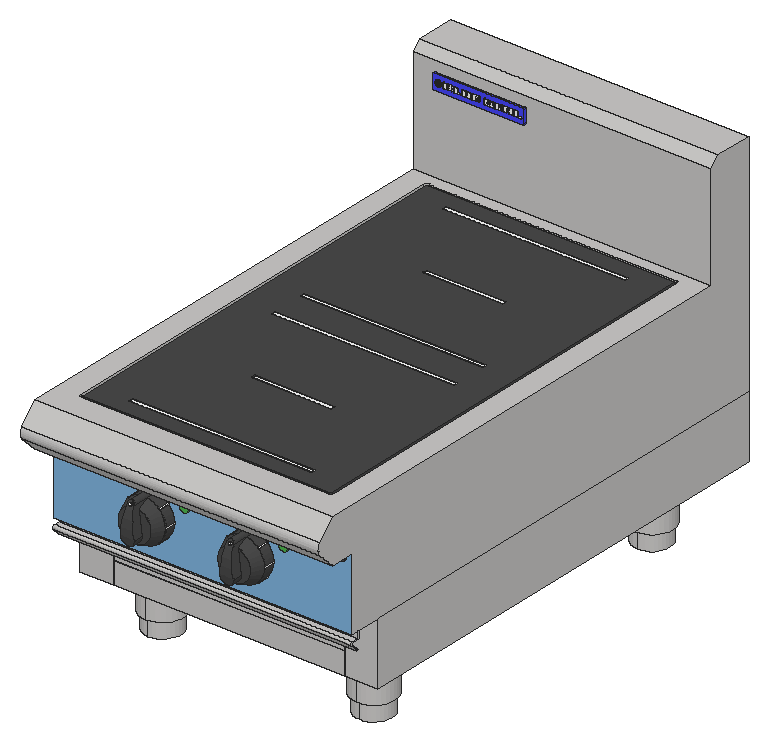
Revit family "QF_Moffat_IN512R3-B_Induction_Cooktop_cat", category Specialty Equipment, Revit 2019
Family settings
  Round Connector Dimension = Use Diameter
  Part Type = Normal
  Work Plane-Based = No
  Always vertical = Yes
  Cut with Voids When Loaded = No
  Shared = No
  Room Calculation Point = No
Parameters (values of type "IN512R3-B")
  Weight in Kilograms = 88
  Watts = 4000 W
  Volts = 400 V
  URL Cutsheet = ""
  Specification by User = ""
  Specification by Manufacturer = ""
  Show Logo [instance] = yes
  Serial Number = ""
  Seismic Rating = ""
  SMACNA No = ""
  Revision Code = ""
  Phase = 3
  Number of Poles = 1
  NAFEM Spec ID Number = ""
  Model = "IN512R3-B"
  Min Ckt Ampacity = 0 A
  Max Overcurrent Protection = 0 A
  Masterspec = ""
  Manufacturer = "Moffat"
  Length = 450 mm
  Item Number = ""
  Installed By = ""
  Identify Quantity as Lot = yes
  Height = 525 mm
  HP = ""
  Furnished By = ""
  Foodservice Equipment Identifier = yes
  FL Amps = 10 A
  Electrical Remarks = ""
  Electric Connection Type = ""
  Elec Conn RI Height = 0 mm
  Elec Conn Connection Height = 0 mm
  Description = "Induction Cooktop"
  Depth = 812.2 mm
  Cycle = 50 Hz
  Conn Plug = ""
  Conn Conduit = yes
  CSI MasterFormat = ""
  Apparent Power = if(Phase = 3, Volts * FL Amps * 1.73, Volts * FL Amps)  # 6920 VA
Reference planes
  plane 1 "BACK": y = 0
  plane 2: z = 0
  plane 3 "LEFT": x = 0
  plane 4 "RIGHT": x = 450
  plane 5 "FRONT": y = -812.2
  plane 6 "TOP": z = 525
  plane 7 "Center Y": x = 225
  plane 8 "Center X": y = -406.1
  plane 9: x = 65.5
  plane 10: x = 384.5
  plane 11: y = -30
  plane 12: x = 320
  plane 13: z = 180
  plane 14: y = -100
  plane 15: y = -625
  plane 16: z = 85
Forms (mm)
  Extrusion 1, solid, material "QF_Metal_Stainless_Polished"
    sketch origin (0, 0, 0) x (0, 1, 0) y (0, 0, 1)
      loop
        line (0, 180) -> (0, 525) -> (-57, 525) -> (-70, 512) -> (-70, 354.5) -> (-784.171, 354.5) -> (-808.685, 329.985)
        arc (-808.685, 329.985) -> (-812.2, 321.5) -> (-808.685, 313.015) r 12
        line (-808.685, 313.015) -> (-785.171, 289.5) -> (-749, 289.5) -> (-749, 180) -> (0, 180)
    from 0 to 450
  Extrusion 2, void
    sketch origin (0, -784.171, 354.5) x (0, 1, 0) y (-1, 0, 0)
      loop
        arc (696.671, -39.5) -> (694.913, -35.257) -> (690.671, -33.5) r 6
        line (690.671, -33.5) -> (44.671, -33.5)
        arc (44.671, -33.5) -> (40.428, -35.257) -> (38.671, -39.5) r 6
        line (38.671, -39.5) -> (38.671, -410.5)
        arc (38.671, -410.5) -> (40.428, -414.743) -> (44.671, -416.5) r 6
        line (44.671, -416.5) -> (690.671, -416.5)
        arc (690.671, -416.5) -> (694.913, -414.743) -> (696.671, -410.5) r 6
        line (696.671, -410.5) -> (696.671, -39.5)
    from 0 to -9.5
  Extrusion 3, solid, material "QF_Plastic_White_Smooth"
    sketch origin (0, -784.171, 345) x (0, 1, 0) y (-1, 0, 0)
      loop
        line (660.921, -362.5) -> (666.921, -362.5) -> (666.921, -87.5) -> (660.921, -87.5) -> (660.921, -362.5)
      loop
        line (532.421, -165) -> (526.421, -165) -> (526.421, -285) -> (532.421, -285) -> (532.421, -165)
      loop
        line (397.921, -87.5) -> (391.921, -87.5) -> (391.921, -362.5) -> (397.921, -362.5) -> (397.921, -87.5)
      loop
        line (337.421, -362.5) -> (343.421, -362.5) -> (343.421, -87.5) -> (337.421, -87.5) -> (337.421, -362.5)
      loop
        line (208.921, -165) -> (202.921, -165) -> (202.921, -285) -> (208.921, -285) -> (208.921, -165)
      loop
        line (74.421, -87.5) -> (68.421, -87.5) -> (68.421, -362.5) -> (74.421, -362.5) -> (74.421, -87.5)
    from 0 to 9.5
  Extrusion 4, solid, material "QF_Plastic_Black_Smooth"
    sketch origin (0, -784.171, 354.5) x (0, 1, 0) y (-1, 0, 0)
      loop
        line (692.671, -410.5) -> (692.671, -39.5)
        arc (692.671, -39.5) -> (692.085, -38.086) -> (690.671, -37.5) r 2
        line (690.671, -37.5) -> (44.671, -37.5)
        arc (44.671, -37.5) -> (43.256, -38.086) -> (42.671, -39.5) r 2
        line (42.671, -39.5) -> (42.671, -410.5)
        arc (42.671, -410.5) -> (43.256, -411.914) -> (44.671, -412.5) r 2
        line (44.671, -412.5) -> (690.671, -412.5)
        arc (690.671, -412.5) -> (692.085, -411.914) -> (692.671, -410.5) r 2
      loop
        line (666.921, -362.5) -> (666.921, -87.5) -> (660.921, -87.5) -> (660.921, -362.5) -> (666.921, -362.5)
      loop
        line (532.421, -285) -> (532.421, -165) -> (526.421, -165) -> (526.421, -285) -> (532.421, -285)
      loop
        line (397.921, -362.5) -> (397.921, -87.5) -> (391.921, -87.5) -> (391.921, -362.5) -> (397.921, -362.5)
      loop
        line (343.421, -87.5) -> (337.421, -87.5) -> (337.421, -362.5) -> (343.421, -362.5) -> (343.421, -87.5)
      loop
        line (208.921, -165) -> (202.921, -165) -> (202.921, -285) -> (208.921, -285) -> (208.921, -165)
      loop
        line (68.421, -362.5) -> (74.421, -362.5) -> (74.421, -87.5) -> (68.421, -87.5) -> (68.421, -362.5)
    from 0 to -9.5
  Extrusion 5, solid, material "QF_Metal_Stainless_Polished"
    sketch origin (0, 0, 40) x (0, 1, 0) y (0, 0, 1)
      loop
        line (-737.8, 140) -> (-737.8, 130) -> (-747.305, 130)
        arc (-747.305, 130) -> (-750.276, 128.015) -> (-749.579, 124.511) r 3.215
        line (-749.579, 124.511) -> (-739.05, 113.982) -> (-737.919, 115.113) -> (-748.447, 125.642)
        arc (-748.447, 125.642) -> (-748.797, 127.403) -> (-747.305, 128.4) r 1.615
        line (-747.305, 128.4) -> (-736.2, 128.4) -> (-736.2, 140) -> (-737.8, 140)
    from 0 to 450
  Extrusion 6, solid, material "QF_Plastic_Black_Smooth"
    sketch origin (0, -749, 181.875) x (0, 0, 1) y (-1, 0, 0)
      loop
        circle (99.343, -13.157) r 5
      loop
        circle (99.343, -436.843) r 5
      loop
        circle (99.343, -150) r 5
      loop
        circle (99.343, -300) r 5
    from 0 to 1.6
  Extrusion 7, solid, material "QF_Metal_Stainless_Polished"
    sketch origin (0, -699, 85) x (0, 1, 0) y (1, 0, 0)
      loop
        circle (669, 320) r 6.35
    from 0 to 1.6
  Extrusion 8, solid, material "QF_Metal_Stainless_Polished"
    sketch origin (0, -699, 85) x (1, 0, 0) y (0, -1, 0)
      loop
        line (0, -699) -> (450, -699) -> (450, 0) -> (399.2, 0) -> (399.2, -25.4) -> (50.8, -25.4) -> (50.8, 0) -> (0, 0) -> (0, -699)
    from 0 to -95
  Extrusion 9, solid, material "QF_Metal_Stainless_Polished"
    sketch origin (50.8, -30, 85) x (0, 1, 0) y (0, 0, 1)
      loop
        line (-669, 0) -> (-643.6, 0) -> (-643.6, 32.7) -> (-669, 32.7) -> (-669, 0)
      loop
        line (-669, 33.7) -> (-643.6, 33.7) -> (-643.6, 66.4) -> (-669, 66.4) -> (-669, 33.7)
      loop
        line (-669, 67.4) -> (-643.6, 67.4) -> (-643.6, 95) -> (-669, 95) -> (-669, 67.4)
    from 0 to 348.4
  Revolve 10, solid, material "QF_Metal_Stainless_Polished"
    sketch origin (65.5, -4572, -304.8) x (0, 0, -1) y (0, -1, 0)
      loop
        line (-304.8, -4499.5) -> (-304.8, -4472) -> (-389.8, -4472) -> (-389.8, -4503.75) -> (-329.8, -4503.75) -> (-329.8, -4499.5) -> (-304.8, -4499.5)
      axis (-389.8, -4472) -> (-304.8, -4472)
    angle from 0 to 360
  Revolve 11, solid, material "QF_Metal_Stainless_Polished"
    sketch origin (65.5, -4572, -304.8) x (0, 0, -1) y (0, -1, 0)
      loop
        line (-304.8, -3974.5) -> (-304.8, -3947) -> (-389.8, -3947) -> (-389.8, -3978.75) -> (-329.8, -3978.75) -> (-329.8, -3974.5) -> (-304.8, -3974.5)
      axis (-389.8, -3947) -> (-304.8, -3947)
    angle from 0 to 360
  Revolve 12, solid, material "QF_Metal_Stainless_Polished"
    sketch origin (384.5, -4572, -304.8) x (0, 0, -1) y (0, 1, 0)
      loop
        line (-304.8, 4499.5) -> (-329.8, 4499.5) -> (-329.8, 4503.75) -> (-389.8, 4503.75) -> (-389.8, 4472) -> (-304.8, 4472) -> (-304.8, 4499.5)
      axis (-389.8, 4472) -> (-304.8, 4472)
    angle from 0 to 360
  Revolve 13, solid, material "QF_Metal_Stainless_Polished"
    sketch origin (384.5, -4572, -304.8) x (0, 0, -1) y (0, 1, 0)
      loop
        line (-304.8, 3974.5) -> (-329.8, 3974.5) -> (-329.8, 3978.75) -> (-389.8, 3978.75) -> (-389.8, 3947) -> (-304.8, 3947) -> (-304.8, 3974.5)
      axis (-389.8, 3947) -> (-304.8, 3947)
    angle from 0 to 360
  Extrusion 14, solid, material "QF_Paint_Green"
    sketch origin (-84.269, -749, 180) x (0, 0, 1) y (-1, 0, 0)
      loop
        circle (84.8, -282.5) r 7.15
    from 0 to 1.6
  Extrusion 15, solid, material "QF_Paint_Green"
    sketch origin (65.731, -749, 180) x (0, 0, 1) y (-1, 0, 0)
      loop
        circle (84.8, -282.5) r 7.15
    from 0 to 1.6
Cuts and joins
  Extrusion 2 cuts Extrusion 1
Lines and regions (mm)
  symbolic lines
    curve 1: line (0, 0, 0) -> (450, 0, 0)
    curve 2: line (0, -812.2, 0) -> (0, 0, 0)
    curve 3: line (450, -812.2, 0) -> (0, -812.2, 0)
    curve 4: line (450, 0, 0) -> (450, -812.2, 0)
    curve 5: line (0, -784.171, 0) -> (450, -784.171, 0)
    curve 6: line (0, -57, 0) -> (450, -57, 0)
    curve 7: line (0, -70, 0) -> (450, -70, 0)
    curve 8: line (39.5, -87.5, 0) -> (410.5, -87.5, 0)
    curve 9: arc (410.5, -87.5, 0) -> (414.743, -89.257, 0) -> (416.5, -93.5, 0) r 6
    curve 10: line (416.5, -93.5, 0) -> (416.5, -739.5, 0)
    curve 11: arc (416.5, -739.5, 0) -> (414.743, -743.743, 0) -> (410.5, -745.5, 0) r 6
    curve 12: line (410.5, -745.5, 0) -> (39.5, -745.5, 0)
    curve 13: arc (39.5, -745.5, 0) -> (35.257, -743.743, 0) -> (33.5, -739.5, 0) r 6
    curve 14: line (33.5, -739.5, 0) -> (33.5, -93.5, 0)
    curve 15: arc (33.5, -93.5, 0) -> (35.257, -89.257, 0) -> (39.5, -87.5, 0) r 6
    curve 16: line (410.5, -91.5, 0) -> (39.5, -91.5, 0)
    curve 17: arc (39.5, -91.5, 0) -> (38.086, -92.086, 0) -> (37.5, -93.5, 0) r 2
    curve 18: line (37.5, -93.5, 0) -> (37.5, -739.5, 0)
    curve 19: arc (37.5, -739.5, 0) -> (38.086, -740.914, 0) -> (39.5, -741.5, 0) r 2
    curve 20: line (39.5, -741.5, 0) -> (410.5, -741.5, 0)
    curve 21: arc (410.5, -741.5, 0) -> (411.914, -740.914, 0) -> (412.5, -739.5, 0) r 2
    curve 22: line (412.5, -739.5, 0) -> (412.5, -93.5, 0)
    curve 23: arc (412.5, -93.5, 0) -> (411.914, -92.086, 0) -> (410.5, -91.5, 0) r 2
    curve 24: line (87.5, -117.25, 0) -> (362.5, -117.25, 0)
    curve 25: line (362.5, -117.25, 0) -> (362.5, -123.25, 0)
    curve 26: line (362.5, -123.25, 0) -> (87.5, -123.25, 0)
    curve 27: line (87.5, -123.25, 0) -> (87.5, -117.25, 0)
    curve 28: line (165, -251.75, 0) -> (285, -251.75, 0)
    curve 29: line (285, -251.75, 0) -> (285, -257.75, 0)
    curve 30: line (285, -257.75, 0) -> (165, -257.75, 0)
    curve 31: line (165, -257.75, 0) -> (165, -251.75, 0)
    curve 32: line (87.5, -386.25, 0) -> (362.5, -386.25, 0)
    curve 33: line (362.5, -386.25, 0) -> (362.5, -392.25, 0)
    curve 34: line (362.5, -392.25, 0) -> (87.5, -392.25, 0)
    curve 35: line (87.5, -392.25, 0) -> (87.5, -386.25, 0)
    curve 36: line (87.5, -440.75, 0) -> (362.5, -440.75, 0)
    curve 37: line (362.5, -440.75, 0) -> (362.5, -446.75, 0)
    curve 38: line (362.5, -446.75, 0) -> (87.5, -446.75, 0)
    curve 39: line (87.5, -446.75, 0) -> (87.5, -440.75, 0)
    curve 40: line (165, -575.25, 0) -> (285, -575.25, 0)
    curve 41: line (285, -575.25, 0) -> (285, -581.25, 0)
    curve 42: line (285, -581.25, 0) -> (165, -581.25, 0)
    curve 43: line (165, -581.25, 0) -> (165, -575.25, 0)
    curve 44: line (87.5, -709.75, 0) -> (362.5, -709.75, 0)
    curve 45: line (362.5, -709.75, 0) -> (362.5, -715.75, 0)
    curve 46: line (362.5, -715.75, 0) -> (87.5, -715.75, 0)
    curve 47: line (87.5, -715.75, 0) -> (87.5, -709.75, 0)
Dimensions and locks
  equal spacing: plane 3 "LEFT", plane 7 "Center Y", plane 4 "RIGHT"
  "Length": plane 3 "LEFT" to plane 4 "RIGHT"
  equal spacing: plane 5 "FRONT", plane 8 "Center X", plane 1 "BACK"
  "Depth": plane 5 "FRONT" to plane 1 "BACK"
  "Height": plane 6 "TOP" to level
  plane 9 to plane 10 = 319 mm
  plane 4 "RIGHT" to plane 3 "LEFT" = 450 mm
  plane 1 "BACK" to cut or joined group of Extrusion 1, Extrusion 2 = 70 mm
  plane 1 "BACK" to plane 5 "FRONT" = 812.2 mm
  plane 6 "TOP" to plane 2 = 525 mm
  cut or joined group of Extrusion 1, Extrusion 2 to plane 2 = 354.5 mm
  locked: plane 12 to plane 4 "RIGHT" at 130
  plane 1 "BACK" to plane 11 = 30 mm
  plane 1 "BACK" to plane 14 to plane 15 = 100 mm, 525 mm
  plane 16 to plane 2 = 85 mm
  aligned and locked: level to plane 2
Automatic sketch dimensions
  plane 1 "BACK" to curve 1 = 0 mm
  curve 1 to plane 3 "LEFT" = 0 mm
  curve 3 to plane 4 "RIGHT" = 0 mm
  plane 5 "FRONT" to curve 3 = 0 mm
  curve 3 to curve 5 = 28.029 mm
  curve 7 to plane 14 = 30 mm
  curve 7 to curve 6 = 13 mm
  Extrusion 1 sketch curve to plane 6 "TOP" = 0 mm
  Extrusion 1 sketch curve to plane 1 "BACK" = 0 mm
  plane 11 to Extrusion 1 sketch curve = 27 mm
  Extrusion 1 sketch curve to plane 6 "TOP" = 13 mm
  Extrusion 1 sketch curve to Extrusion 1 sketch curve = 13 mm
  Extrusion 1 sketch curve to plane 5 "FRONT" = 63.2 mm
  Extrusion 1 sketch curve to plane 5 "FRONT" = 28.029 mm
  Extrusion 1 sketch curve to plane 5 "FRONT" = 27.029 mm
  Extrusion 1 sketch curve to plane 5 "FRONT" = 12 mm
  Extrusion 1 sketch curve to plane 5 "FRONT" = 3.515 mm  (x2)
  Extrusion 1 sketch curve to plane 6 "TOP" = 170.5 mm
  Extrusion 1 sketch curve to Extrusion 1 sketch curve = 24.515 mm
  Extrusion 1 sketch curve to Extrusion 1 sketch curve = 8.485 mm
  Extrusion 1 sketch curve to Extrusion 1 sketch curve = 32 mm
  Extrusion 1 sketch curve to plane 13 = 0 mm
  Extrusion 2 sketch curve to Extrusion 1 = 38.671 mm
  Extrusion 2 sketch curve to Extrusion 2 sketch curve = 6 mm  (x3)
  Extrusion 1 to Extrusion 2 sketch curve = 23.5 mm  (x2)
  Extrusion 1 to Extrusion 2 sketch curve = 33.5 mm
  Extrusion 1 to Extrusion 2 sketch curve = 39.5 mm
  Extrusion 4 sketch curve to Extrusion 1 = 42.671 mm
  Extrusion 4 sketch curve to Extrusion 4 sketch curve = 2 mm  (x3)
  Extrusion 1 to Extrusion 4 sketch curve = 23.5 mm  (x2)
  Extrusion 1 to Extrusion 4 sketch curve = 37.5 mm
  Extrusion 1 to Extrusion 4 sketch curve = 39.5 mm
  Extrusion 5 sketch curve to Extrusion 5 sketch curve = 0 mm  (x2)
  plane 13 to Extrusion 5 sketch curve = 15.489 mm
  Extrusion 5 sketch curve to plane 5 "FRONT" = 62.621 mm
  plane 13 to Extrusion 5 sketch curve = 14.358 mm
  Extrusion 5 sketch curve to Extrusion 5 sketch curve = 1.131 mm
  Extrusion 5 sketch curve to Extrusion 5 sketch curve = 1.142 mm  (x2)
  plane 13 to Extrusion 5 sketch curve = 26.018 mm
  Extrusion 5 sketch curve to Extrusion 5 sketch curve = 10.529 mm
  Extrusion 5 sketch curve to Extrusion 5 sketch curve = 9.505 mm
  Extrusion 5 sketch curve to plane 13 = 0 mm
  Extrusion 5 sketch curve to Extrusion 5 sketch curve = 1.6 mm
  Extrusion 8 to Extrusion 7 sketch curve = 30 mm
  Extrusion 7 sketch curve to Extrusion 8 = 79.2 mm
  plane 1 "BACK" to Extrusion 8 sketch curve = 0 mm
  Extrusion 8 sketch curve to plane 3 "LEFT" = 0 mm
  Extrusion 8 sketch curve to plane 4 "RIGHT" = 0 mm
  plane 9 to Extrusion 8 sketch curve = 14.7 mm
  Extrusion 8 sketch curve to plane 10 = 14.7 mm
  plane 15 to Extrusion 8 sketch curve = 48.6 mm
  Extrusion 8 sketch curve to Extrusion 8 sketch curve = 25.4 mm  (x2)
  Extrusion 9 sketch curve to Extrusion 8 = 0 mm  (x8)
  Extrusion 8 to Extrusion 9 sketch curve = 32.7 mm
  Extrusion 9 sketch curve to Extrusion 9 sketch curve = 1 mm  (x2)
  Extrusion 9 sketch curve to Extrusion 9 sketch curve = 32.7 mm
  Revolve 10 sketch curve to plane 14 = 0 mm  (x2)
  Revolve 10 sketch curve to level = 0 mm  (x2)
  level to Revolve 10 sketch curve = 25 mm
  Revolve 10 sketch curve to Revolve 10 sketch curve = 60 mm
  Revolve 10 sketch curve to plane 14 = 27.5 mm
  Revolve 10 sketch curve to plane 14 = 31.75 mm
  Revolve 10 sketch curve to Revolve 10 sketch curve = 25 mm
  Revolve 11 sketch curve to plane 15 = 0 mm  (x2)
  Revolve 11 sketch curve to level = 0 mm  (x2)
  level to Revolve 11 sketch curve = 25 mm
  Revolve 11 sketch curve to Revolve 11 sketch curve = 60 mm
  Revolve 11 sketch curve to plane 15 = 27.5 mm
  Revolve 11 sketch curve to plane 15 = 31.75 mm
  Revolve 11 sketch curve to Revolve 11 sketch curve = 25 mm
  Revolve 12 sketch curve to plane 14 = 0 mm  (x2)
  Revolve 12 sketch curve to level = 0 mm  (x2)
  level to Revolve 12 sketch curve = 25 mm
  Revolve 12 sketch curve to Revolve 12 sketch curve = 60 mm
  Revolve 12 sketch curve to plane 14 = 27.5 mm
  Revolve 12 sketch curve to Revolve 12 sketch curve = 4.25 mm
  Revolve 12 sketch curve to Revolve 12 sketch curve = 25 mm
  Revolve 13 sketch curve to plane 15 = 0 mm  (x2)
  Revolve 13 sketch curve to level = 0 mm  (x2)
  level to Revolve 13 sketch curve = 25 mm
  Revolve 13 sketch curve to Revolve 13 sketch curve = 60 mm
  Revolve 13 sketch curve to plane 15 = 27.5 mm
  Revolve 13 sketch curve to Revolve 13 sketch curve = 4.25 mm
  Revolve 13 sketch curve to Revolve 13 sketch curve = 25 mm
  Extrusion 1 to Extrusion 14 sketch curve = 24.7 mm
  Extrusion 1 to Extrusion 14 sketch curve = 198.231 mm
  Extrusion 1 to Extrusion 15 sketch curve = 24.7 mm
  Extrusion 1 to Extrusion 15 sketch curve = 101.769 mm
  Extrusion 1 to Extrusion 4 sketch curve = 53.25 mm
  Extrusion 4 sketch curve to Extrusion 4 sketch curve = 6 mm  (x6)
  Extrusion 4 sketch curve to Extrusion 4 sketch curve = 48 mm  (x4)
  Extrusion 4 sketch curve to Extrusion 4 sketch curve = 134.5 mm  (x3)
  Extrusion 4 sketch curve to Extrusion 4 sketch curve = 77.5 mm  (x2)
  Extrusion 4 sketch curve to Extrusion 4 sketch curve = 120 mm  (x2)
  Extrusion 1 to Extrusion 4 sketch curve = 87.5 mm  (x2)
  Extrusion 4 sketch curve to Extrusion 4 sketch curve = 54.5 mm
  Extrusion 4 sketch curve to Extrusion 4 sketch curve = 0 mm  (x2)
  Extrusion 4 sketch curve to Extrusion 4 sketch curve = 23.75 mm
  Extrusion 3 sketch curve to Extrusion 2 = 35.75 mm  (x2)
  Extrusion 3 sketch curve to Extrusion 3 sketch curve = 6 mm  (x6)
  Extrusion 3 sketch curve to Extrusion 2 = 54 mm  (x7)
  Extrusion 3 sketch curve to Extrusion 3 sketch curve = 128.5 mm  (x3)
  Extrusion 3 sketch curve to Extrusion 2 = 131.5 mm  (x2)
  Extrusion 3 sketch curve to Extrusion 3 sketch curve = 120 mm  (x2)
  Extrusion 3 sketch curve to Extrusion 3 sketch curve = 48.5 mm
  Extrusion 3 sketch curve to Extrusion 3 sketch curve = 0 mm
  curve 14 to plane 14 = 6.5 mm
  plane 9 to curve 14 = 32 mm
  curve 14 to curve 15 = 6 mm
  curve 13 to curve 13 = 6 mm
  curve 9 to plane 14 = 6.5 mm
  curve 9 to plane 10 = 26 mm
  curve 12 to curve 10 = 6 mm
  curve 5 to curve 12 = 38.671 mm
  curve 9 to curve 23 = 0 mm  (x2)
  curve 11 to curve 21 = 0 mm  (x2)
  curve 13 to curve 19 = 0 mm  (x2)
  curve 15 to curve 17 = 0 mm
  curve 18 to curve 15 = 2 mm
  curve 27 to plane 9 = 22 mm
  plane 10 to curve 26 = 22 mm
  plane 14 to curve 25 = 23.25 mm
  curve 26 to curve 24 = 6 mm
  curve 30 to plane 7 "Center Y" = 60 mm
  plane 12 to curve 30 = 35 mm
  plane 8 "Center X" to curve 30 = 148.35 mm
  curve 30 to curve 31 = 6 mm
  curve 34 to plane 9 = 22 mm
  plane 10 to curve 33 = 22 mm
  plane 8 "Center X" to curve 34 = 13.85 mm
  curve 34 to curve 35 = 6 mm
  curve 39 to plane 9 = 22 mm
  plane 10 to curve 36 = 22 mm
  curve 39 to plane 8 "Center X" = 40.65 mm
  curve 37 to curve 37 = 6 mm
  curve 40 to plane 7 "Center Y" = 60 mm
  plane 12 to curve 42 = 35 mm
  curve 43 to plane 15 = 43.75 mm
  curve 41 to curve 40 = 6 mm
  curve 47 to plane 9 = 22 mm
  plane 10 to curve 44 = 22 mm
  curve 13 to curve 47 = 23.75 mm
  curve 45 to curve 45 = 6 mm
  Extrusion 1 to Extrusion 6 sketch curve = 8.282 mm  (x4)
  Extrusion 1 to Extrusion 6 sketch curve = 13.157 mm  (x2)
  Extrusion 6 sketch curve to Extrusion 6 sketch curve = 136.843 mm
  Extrusion 1 to Extrusion 6 sketch curve = 150 mm
  radius of Extrusion 7 sketch curve = 6.35 mm
  radius of Extrusion 14 sketch curve = 7.15 mm
  radius of Extrusion 15 sketch curve = 7.15 mm
  radius of Extrusion 6 sketch curve = 5 mm  (x4)
Nested families
  nested 1: "QF_LOGO_BLue Seal" at (32, -70, 474.385), visible <- "Show Logo", type "QF_LOGO_BLue Seal"
  nested 2: "Knob" at (117.5, -739.5, 204.5), type "Knob"
  nested 3: "Knob" at (267.5, -739.5, 204.5), type "Knob"
Connectors
  electrical at (320, -30, 83.4), driven by "Volts", driven by "Watts"
    settings: on Extrusion 7, index 1, voltage 400 V, apparent load 4000 VA, apparent load phase1 0 VA, apparent load phase2 0 VA, apparent load phase3 0 VA, power factor 1, load classification "Other", number of poles 1, system type 30, power factor state 1, is connector primary yes, connector utility no, sub classification motor no, connector description "Electrical Connection"
Definition of nested family "QF_LOGO_BLue Seal"
  Parameters (values of type "QF_LOGO_BLue Seal")
    Weight in Pounds = 0
    URL Cutsheet = ""
    Specification by User = ""
    Specification by Manufacturer = ""
    Serial Number = ""
    Seismic Rating = ""
    SMACNA No = ""
    Revision Code = ""
    NAFEM Spec ID Number = ""
    Masterspec = ""
    Length = 138 mm
    Item Number = ""
    Installed By = ""
    Identify Quantity as Lot = yes
    Height = 23 mm
    Furnished By = ""
    Foodservice Equipment Identifier = yes
    Depth = 3.175 mm
    CSI MasterFormat = ""
  Reference planes
    plane 1 "BACK": y = 0
    plane 2: z = 0
    plane 3 "LEFT": x = 0
    plane 4 "RIGHT": x = 138
    plane 5 "FRONT": y = -3.175
    plane 6 "TOP": z = 23
    plane 7 "Center Y": x = 69
    plane 8 "Center X": y = -1.587
  Forms (mm)
    Extrusion 1, solid
      sketch origin (0, 0, 0) x (1, 0, 0) y (0, 0, 1)
        loop
          arc (2, 23) -> (0.586, 22.414) -> (0, 21) r 2
          line (0, 21) -> (0, 2)
          arc (0, 2) -> (0.586, 0.586) -> (2, 0) r 2
          line (2, 0) -> (136, 0)
          arc (136, 0) -> (137.414, 0.586) -> (138, 2) r 2
          line (138, 2) -> (138, 21)
          arc (138, 21) -> (137.414, 22.414) -> (136, 23) r 2
          line (136, 23) -> (2, 23)
        loop
          arc (16.625, 15.317) -> (15.943, 15.034) -> (15.66, 14.352) r 0.965
          line (15.66, 14.352) -> (15.66, 8.169)
          arc (15.66, 8.169) -> (15.953, 7.461) -> (16.66, 7.169) r 1
          line (16.66, 7.169) -> (27.958, 7.169)
          arc (27.958, 7.169) -> (29.995, 9.206) -> (27.958, 11.243) r 2.037
          arc (27.958, 11.243) -> (29.995, 13.28) -> (27.958, 15.317) r 2.037
          line (27.958, 15.317) -> (16.625, 15.317)
        loop
          line (21.163, 13.835) -> (21.163, 12.291) -> (23.596, 12.291)
          arc (23.596, 12.291) -> (24.368, 13.063) -> (23.596, 13.835) r 0.772
          line (23.596, 13.835) -> (21.163, 13.835)
        loop
          line (21.163, 8.544) -> (23.596, 8.544)
          arc (23.596, 8.544) -> (24.368, 9.316) -> (23.596, 10.089) r 0.772
          line (23.596, 10.089) -> (21.163, 10.089) -> (21.163, 8.544)
        loop
          arc (32.475, 15.317) -> (31.768, 15.024) -> (31.475, 14.317) r 1
          line (31.475, 14.317) -> (31.475, 8.169)
          arc (31.475, 8.169) -> (31.768, 7.461) -> (32.475, 7.169) r 1
          line (32.475, 7.169) -> (41.849, 7.169)
          arc (41.849, 7.169) -> (42.859, 8.178) -> (41.849, 9.188) r 1.01
          line (41.849, 9.188) -> (37.262, 9.188) -> (37.262, 14.317)
          arc (37.262, 14.317) -> (36.969, 15.024) -> (36.262, 15.317) r 1
          line (36.262, 15.317) -> (32.475, 15.317)
        loop
          arc (44.648, 15.317) -> (43.941, 15.024) -> (43.648, 14.317) r 1
          line (43.648, 14.317) -> (43.648, 9.124)
          arc (43.648, 9.124) -> (44.221, 7.741) -> (45.604, 7.169) r 1.956
          line (45.604, 7.169) -> (55.306, 7.169)
          arc (55.306, 7.169) -> (56.749, 7.766) -> (57.347, 9.209) r 2.04
          line (57.347, 9.209) -> (57.347, 14.358)
          arc (57.347, 14.358) -> (57.066, 15.036) -> (56.388, 15.317) r 0.959
          line (56.388, 15.317) -> (52.676, 15.317)
          arc (52.676, 15.317) -> (51.968, 15.024) -> (51.676, 14.317) r 1
          line (51.676, 14.317) -> (51.676, 10.17)
          arc (51.676, 10.17) -> (50.529, 9.024) -> (49.383, 10.17) r 1.146
          line (49.383, 10.17) -> (49.383, 14.317)
          arc (49.383, 14.317) -> (49.09, 15.024) -> (48.383, 15.317) r 1
          line (48.383, 15.317) -> (44.648, 15.317)
        loop
          arc (60.035, 15.317) -> (59.328, 15.024) -> (59.035, 14.317) r 1
          line (59.035, 14.317) -> (59.035, 8.169)
          arc (59.035, 8.169) -> (59.328, 7.461) -> (60.035, 7.169) r 1
          line (60.035, 7.169) -> (69.845, 7.169)
          arc (69.845, 7.169) -> (70.828, 8.152) -> (69.845, 9.135) r 0.983
          line (69.845, 9.135) -> (65.06, 9.135) -> (65.06, 10.415) -> (69.988, 10.415)
          arc (69.988, 10.415) -> (70.828, 11.255) -> (69.988, 12.095) r 0.84
          line (69.988, 12.095) -> (65.06, 12.095) -> (65.06, 13.215) -> (69.777, 13.215)
          arc (69.777, 13.215) -> (70.828, 14.266) -> (69.777, 15.317) r 1.051
          line (69.777, 15.317) -> (60.035, 15.317)
        loop
          line (77.315, 14.317) -> (77.315, 11.634)
          arc (77.315, 11.634) -> (77.608, 10.927) -> (78.315, 10.634) r 1
          line (78.315, 10.634) -> (85.957, 10.634) -> (85.957, 8.756) -> (82.871, 8.756) -> (82.871, 9.708) -> (77.315, 9.708) -> (77.315, 8.169)
          arc (77.315, 8.169) -> (77.608, 7.461) -> (78.315, 7.169) r 1
          line (78.315, 7.169) -> (90.614, 7.169)
          arc (90.614, 7.169) -> (91.321, 7.461) -> (91.614, 8.169) r 1
          line (91.614, 8.169) -> (91.614, 11.073)
          arc (91.614, 11.073) -> (91.322, 11.778) -> (90.617, 12.07) r 0.996
          line (90.617, 12.07) -> (82.871, 12.07) -> (82.871, 13.786) -> (85.957, 13.786) -> (85.957, 12.856) -> (91.614, 12.856) -> (91.614, 14.317)
          arc (91.614, 14.317) -> (91.321, 15.024) -> (90.614, 15.317) r 1
          line (90.614, 15.317) -> (78.315, 15.317)
          arc (78.315, 15.317) -> (77.608, 15.024) -> (77.315, 14.317) r 1
        loop
          arc (107.404, 15.317) -> (106.697, 15.024) -> (106.404, 14.317) r 1
          line (106.404, 14.317) -> (106.404, 8.169)
          arc (106.404, 8.169) -> (106.697, 7.461) -> (107.404, 7.169) r 1
          line (107.404, 7.169) -> (111.34, 7.169)
          arc (111.34, 7.169) -> (112.047, 7.461) -> (112.34, 8.169) r 1
          line (112.34, 8.169) -> (112.34, 9.135) -> (115.1, 9.135) -> (115.1, 8.169)
          arc (115.1, 8.169) -> (115.393, 7.461) -> (116.1, 7.169) r 1
          line (116.1, 7.169) -> (119.975, 7.169)
          arc (119.975, 7.169) -> (120.682, 7.461) -> (120.975, 8.169) r 1
          line (120.975, 8.169) -> (120.975, 14.317)
          arc (120.975, 14.317) -> (120.682, 15.024) -> (119.975, 15.317) r 1
          line (119.975, 15.317) -> (107.404, 15.317)
        loop
          arc (94.016, 15.317) -> (93.309, 15.024) -> (93.016, 14.317) r 1
          line (93.016, 14.317) -> (93.016, 8.169)
          arc (93.016, 8.169) -> (93.309, 7.461) -> (94.016, 7.169) r 1
          line (94.016, 7.169) -> (103.826, 7.169)
          arc (103.826, 7.169) -> (104.809, 8.152) -> (103.826, 9.135) r 0.983
          line (103.826, 9.135) -> (99.041, 9.135) -> (99.041, 10.415) -> (103.969, 10.415)
          arc (103.969, 10.415) -> (104.809, 11.255) -> (103.969, 12.095) r 0.84
          line (103.969, 12.095) -> (99.041, 12.095) -> (99.041, 13.215) -> (103.759, 13.215)
          arc (103.759, 13.215) -> (104.809, 14.266) -> (103.759, 15.317) r 1.051
          line (103.759, 15.317) -> (94.016, 15.317)
        loop
          line (112.34, 11.583) -> (115.1, 11.583) -> (115.1, 12.915)
          arc (115.1, 12.915) -> (114.954, 13.268) -> (114.6, 13.415) r 0.5
          line (114.6, 13.415) -> (112.84, 13.415)
          arc (112.84, 13.415) -> (112.487, 13.268) -> (112.34, 12.915) r 0.5
          line (112.34, 12.915) -> (112.34, 11.583)
        loop
          arc (123.692, 15.317) -> (122.985, 15.024) -> (122.692, 14.317) r 1
          line (122.692, 14.317) -> (122.692, 8.169)
          arc (122.692, 8.169) -> (122.985, 7.461) -> (123.692, 7.169) r 1
          line (123.692, 7.169) -> (133.067, 7.169)
          arc (133.067, 7.169) -> (134.076, 8.178) -> (133.067, 9.188) r 1.01
          line (133.067, 9.188) -> (128.479, 9.188) -> (128.479, 14.317)
          arc (128.479, 14.317) -> (128.186, 15.024) -> (127.479, 15.317) r 1
          line (127.479, 15.317) -> (123.692, 15.317)
        loop
          circle (8.135, 11.2) r 4.581
      from 0 to 3.2
    Extrusion 2, solid
      sketch origin (0, 0, 0) x (1, 0, 0) y (0, 0, 1)
        loop
          circle (8.135, 11.2) r 4.581
        loop
          line (8.289, 15.169) -> (8.289, 7.231)
          arc (8.289, 7.231) -> (12.08, 11.2) -> (8.289, 15.169) r 3.973
        loop
          arc (16.625, 15.317) -> (15.943, 15.034) -> (15.66, 14.352) r 0.965
          line (15.66, 14.352) -> (15.66, 8.169)
          arc (15.66, 8.169) -> (15.953, 7.461) -> (16.66, 7.169) r 1
          line (16.66, 7.169) -> (27.958, 7.169)
          arc (27.958, 7.169) -> (29.995, 9.206) -> (27.958, 11.243) r 2.037
          arc (27.958, 11.243) -> (29.995, 13.28) -> (27.958, 15.317) r 2.037
          line (27.958, 15.317) -> (16.625, 15.317)
        loop
          line (21.163, 12.291) -> (23.596, 12.291)
          arc (23.596, 12.291) -> (24.368, 13.063) -> (23.596, 13.835) r 0.772
          line (23.596, 13.835) -> (21.163, 13.835) -> (21.163, 12.291)
        loop
          line (23.596, 10.089) -> (21.163, 10.089) -> (21.163, 8.544) -> (23.596, 8.544)
          arc (23.596, 8.544) -> (24.368, 9.316) -> (23.596, 10.089) r 0.772
        loop
          arc (37.262, 14.317) -> (36.969, 15.024) -> (36.262, 15.317) r 1
          line (36.262, 15.317) -> (32.475, 15.317)
          arc (32.475, 15.317) -> (31.768, 15.024) -> (31.475, 14.317) r 1
          line (31.475, 14.317) -> (31.475, 8.169)
          arc (31.475, 8.169) -> (31.768, 7.461) -> (32.475, 7.169) r 1
          line (32.475, 7.169) -> (41.849, 7.169)
          arc (41.849, 7.169) -> (42.859, 8.178) -> (41.849, 9.188) r 1.01
          line (41.849, 9.188) -> (37.262, 9.188) -> (37.262, 14.317)
        loop
          arc (43.648, 9.124) -> (44.221, 7.741) -> (45.604, 7.169) r 1.956
          line (45.604, 7.169) -> (55.306, 7.169)
          arc (55.306, 7.169) -> (56.749, 7.766) -> (57.347, 9.209) r 2.04
          line (57.347, 9.209) -> (57.347, 14.358)
          arc (57.347, 14.358) -> (57.066, 15.036) -> (56.388, 15.317) r 0.959
          line (56.388, 15.317) -> (52.676, 15.317)
          arc (52.676, 15.317) -> (51.968, 15.024) -> (51.676, 14.317) r 1
          line (51.676, 14.317) -> (51.676, 10.17)
          arc (51.676, 10.17) -> (50.529, 9.024) -> (49.383, 10.17) r 1.146
          line (49.383, 10.17) -> (49.383, 14.317)
          arc (49.383, 14.317) -> (49.09, 15.024) -> (48.383, 15.317) r 1
          line (48.383, 15.317) -> (44.648, 15.317)
          arc (44.648, 15.317) -> (43.941, 15.024) -> (43.648, 14.317) r 1
          line (43.648, 14.317) -> (43.648, 9.124)
        loop
          arc (69.777, 13.215) -> (70.828, 14.266) -> (69.777, 15.317) r 1.051
          line (69.777, 15.317) -> (60.035, 15.317)
          arc (60.035, 15.317) -> (59.328, 15.024) -> (59.035, 14.317) r 1
          line (59.035, 14.317) -> (59.035, 8.169)
          arc (59.035, 8.169) -> (59.328, 7.461) -> (60.035, 7.169) r 1
          line (60.035, 7.169) -> (69.845, 7.169)
          arc (69.845, 7.169) -> (70.828, 8.152) -> (69.845, 9.135) r 0.983
          line (69.845, 9.135) -> (65.06, 9.135) -> (65.06, 10.415) -> (69.988, 10.415)
          arc (69.988, 10.415) -> (70.828, 11.255) -> (69.988, 12.095) r 0.84
          line (69.988, 12.095) -> (65.06, 12.095) -> (65.06, 13.215) -> (69.777, 13.215)
        loop
          line (82.871, 13.786) -> (85.957, 13.786) -> (85.957, 12.856) -> (91.614, 12.856) -> (91.614, 14.317)
          arc (91.614, 14.317) -> (91.321, 15.024) -> (90.614, 15.317) r 1
          line (90.614, 15.317) -> (78.315, 15.317)
          arc (78.315, 15.317) -> (77.608, 15.024) -> (77.315, 14.317) r 1
          line (77.315, 14.317) -> (77.315, 11.634)
          arc (77.315, 11.634) -> (77.608, 10.927) -> (78.315, 10.634) r 1
          line (78.315, 10.634) -> (85.957, 10.634) -> (85.957, 8.756) -> (82.871, 8.756) -> (82.871, 9.708) -> (77.315, 9.708) -> (77.315, 8.169)
          arc (77.315, 8.169) -> (77.608, 7.461) -> (78.315, 7.169) r 1
          line (78.315, 7.169) -> (90.614, 7.169)
          arc (90.614, 7.169) -> (91.321, 7.461) -> (91.614, 8.169) r 1
          line (91.614, 8.169) -> (91.614, 11.073)
          arc (91.614, 11.073) -> (91.322, 11.778) -> (90.617, 12.07) r 0.996
          line (90.617, 12.07) -> (82.871, 12.07) -> (82.871, 13.786)
        loop
          arc (103.759, 13.215) -> (104.809, 14.266) -> (103.759, 15.317) r 1.051
          line (103.759, 15.317) -> (94.016, 15.317)
          arc (94.016, 15.317) -> (93.309, 15.024) -> (93.016, 14.317) r 1
          line (93.016, 14.317) -> (93.016, 8.169)
          arc (93.016, 8.169) -> (93.309, 7.461) -> (94.016, 7.169) r 1
          line (94.016, 7.169) -> (103.826, 7.169)
          arc (103.826, 7.169) -> (104.809, 8.152) -> (103.826, 9.135) r 0.983
          line (103.826, 9.135) -> (99.041, 9.135) -> (99.041, 10.415) -> (103.969, 10.415)
          arc (103.969, 10.415) -> (104.809, 11.255) -> (103.969, 12.095) r 0.84
          line (103.969, 12.095) -> (99.041, 12.095) -> (99.041, 13.215) -> (103.759, 13.215)
        loop
          line (112.34, 12.915) -> (112.34, 11.583) -> (115.1, 11.583) -> (115.1, 12.915)
          arc (115.1, 12.915) -> (114.954, 13.268) -> (114.6, 13.415) r 0.5
          line (114.6, 13.415) -> (112.84, 13.415)
          arc (112.84, 13.415) -> (112.487, 13.268) -> (112.34, 12.915) r 0.5
        loop
          arc (119.975, 7.169) -> (120.682, 7.461) -> (120.975, 8.169) r 1
          line (120.975, 8.169) -> (120.975, 14.317)
          arc (120.975, 14.317) -> (120.682, 15.024) -> (119.975, 15.317) r 1
          line (119.975, 15.317) -> (107.404, 15.317)
          arc (107.404, 15.317) -> (106.697, 15.024) -> (106.404, 14.317) r 1
          line (106.404, 14.317) -> (106.404, 8.169)
          arc (106.404, 8.169) -> (106.697, 7.461) -> (107.404, 7.169) r 1
          line (107.404, 7.169) -> (111.34, 7.169)
          arc (111.34, 7.169) -> (112.047, 7.461) -> (112.34, 8.169) r 1
          line (112.34, 8.169) -> (112.34, 9.135) -> (115.1, 9.135) -> (115.1, 8.169)
          arc (115.1, 8.169) -> (115.393, 7.461) -> (116.1, 7.169) r 1
          line (116.1, 7.169) -> (119.975, 7.169)
        loop
          arc (122.692, 8.169) -> (122.985, 7.461) -> (123.692, 7.169) r 1
          line (123.692, 7.169) -> (133.067, 7.169)
          arc (133.067, 7.169) -> (134.076, 8.178) -> (133.067, 9.188) r 1.01
          line (133.067, 9.188) -> (128.479, 9.188) -> (128.479, 14.317)
          arc (128.479, 14.317) -> (128.186, 15.024) -> (127.479, 15.317) r 1
          line (127.479, 15.317) -> (123.692, 15.317)
          arc (123.692, 15.317) -> (122.985, 15.024) -> (122.692, 14.317) r 1
          line (122.692, 14.317) -> (122.692, 8.169)
        loop
          line (8.019, 7.227) -> (8.019, 15.172)
          arc (8.019, 15.172) -> (4.133, 11.2) -> (8.019, 7.227) r 3.973
      from 0 to 3.2
    Extrusion 3, solid
      sketch origin (0, 0, 0) x (1, 0, 0) y (0, 0, 1)
        loop
          line (8.289, 15.169) -> (8.289, 7.231)
          arc (8.289, 7.231) -> (12.08, 11.2) -> (8.289, 15.169) r 3.973
      from 0 to 3.2
    Extrusion 4, solid
      sketch origin (16.271, 0, 0) x (-1, 0, 0) y (0, 0, -1)
        loop
          arc (8.252, -15.172) -> (12.138, -11.2) -> (8.252, -7.227) r 3.973
          line (8.252, -7.227) -> (8.252, -15.172)
      from 0 to 3.2
  Dimensions and locks
    equal spacing: plane 3 "LEFT", plane 7 "Center Y", plane 4 "RIGHT"
    "Length": plane 3 "LEFT" to plane 4 "RIGHT"
    equal spacing: plane 5 "FRONT", plane 8 "Center X", plane 1 "BACK"
    "Depth": plane 5 "FRONT" to plane 1 "BACK"
    "Height": plane 6 "TOP" to level
    plane 4 "RIGHT" to plane 3 "LEFT" = 138 mm
    aligned and locked: level to plane 2
  Automatic sketch dimensions
    Extrusion 1 sketch curve to Extrusion 1 sketch curve = 0 mm  (x12)
    Extrusion 1 sketch curve to plane 3 "LEFT" = 0 mm
    Extrusion 1 sketch curve to level = 0 mm
    Extrusion 1 sketch curve to plane 6 "TOP" = 0 mm
    plane 4 "RIGHT" to Extrusion 1 sketch curve = 0 mm
    plane 3 "LEFT" to Extrusion 1 sketch curve = 2 mm
    Extrusion 1 sketch curve to Extrusion 1 sketch curve = 2 mm
    plane 3 "LEFT" to Extrusion 1 sketch curve = 8.135 mm
    Extrusion 1 sketch curve to Extrusion 1 sketch curve = 7.524 mm
    Extrusion 1 sketch curve to Extrusion 1 sketch curve = 0.965 mm
    Extrusion 1 sketch curve to Extrusion 1 sketch curve = 1 mm  (x22)
    Extrusion 1 sketch curve to Extrusion 1 sketch curve = 4.503 mm
    Extrusion 1 sketch curve to Extrusion 1 sketch curve = 2.434 mm  (x2)
    Extrusion 1 sketch curve to Extrusion 1 sketch curve = 4.362 mm
    Extrusion 1 sketch curve to Extrusion 1 sketch curve = 3.517 mm
    Extrusion 1 sketch curve to Extrusion 1 sketch curve = 3.787 mm  (x2)
    Extrusion 1 sketch curve to Extrusion 1 sketch curve = 4.787 mm
    Extrusion 1 sketch curve to Extrusion 1 sketch curve = 4.588 mm
    Extrusion 1 sketch curve to Extrusion 1 sketch curve = 1.798 mm
    Extrusion 1 sketch curve to Extrusion 1 sketch curve = 1.956 mm  (x2)
    Extrusion 1 sketch curve to Extrusion 1 sketch curve = 3.735 mm
    Extrusion 1 sketch curve to Extrusion 1 sketch curve = 3.779 mm
    Extrusion 1 sketch curve to Extrusion 1 sketch curve = 1.146 mm
    Extrusion 1 sketch curve to Extrusion 1 sketch curve = 3.631 mm
    Extrusion 1 sketch curve to Extrusion 1 sketch curve = 3.713 mm
    Extrusion 1 sketch curve to Extrusion 1 sketch curve = 0.959 mm
    Extrusion 1 sketch curve to Extrusion 1 sketch curve = 1.688 mm
    Extrusion 1 sketch curve to plane 7 "Center Y" = 3.94 mm
    plane 7 "Center Y" to Extrusion 1 sketch curve = 0.777 mm
    plane 7 "Center Y" to Extrusion 1 sketch curve = 0.845 mm
    plane 7 "Center Y" to Extrusion 1 sketch curve = 0.988 mm
    Extrusion 1 sketch curve to Extrusion 1 sketch curve = 7.327 mm
    Extrusion 1 sketch curve to Extrusion 1 sketch curve = 4.556 mm
    Extrusion 1 sketch curve to Extrusion 1 sketch curve = 3.087 mm
    Extrusion 1 sketch curve to Extrusion 1 sketch curve = 4.657 mm  (x2)
    Extrusion 1 sketch curve to Extrusion 1 sketch curve = 0.004 mm
    Extrusion 1 sketch curve to Extrusion 1 sketch curve = 0.996 mm  (x2)
    Extrusion 1 sketch curve to Extrusion 1 sketch curve = 1.402 mm
    Extrusion 1 sketch curve to Extrusion 1 sketch curve = 5.025 mm
    Extrusion 1 sketch curve to Extrusion 1 sketch curve = 4.717 mm
    Extrusion 1 sketch curve to Extrusion 1 sketch curve = 4.785 mm
    Extrusion 1 sketch curve to Extrusion 1 sketch curve = 0.211 mm
    Extrusion 1 sketch curve to Extrusion 1 sketch curve = 2.645 mm
    Extrusion 1 sketch curve to Extrusion 1 sketch curve = 3.936 mm
    Extrusion 1 sketch curve to Extrusion 1 sketch curve = 0.5 mm  (x2)
    Extrusion 1 sketch curve to Extrusion 1 sketch curve = 1.76 mm
    Extrusion 1 sketch curve to Extrusion 1 sketch curve = 2.76 mm
    Extrusion 1 sketch curve to Extrusion 1 sketch curve = 4.875 mm
    Extrusion 1 sketch curve to Extrusion 1 sketch curve = 3.875 mm
    Extrusion 1 sketch curve to Extrusion 1 sketch curve = 1.717 mm
    plane 4 "RIGHT" to Extrusion 1 sketch curve = 4.933 mm
    plane 4 "RIGHT" to Extrusion 1 sketch curve = 2 mm  (x2)
    level to Extrusion 1 sketch curve = 7.169 mm  (x5)
    Extrusion 1 sketch curve to Extrusion 1 sketch curve = 5.169 mm
    Extrusion 1 sketch curve to Extrusion 1 sketch curve = 0.983 mm  (x2)
    Extrusion 1 sketch curve to Extrusion 1 sketch curve = 1.01 mm  (x2)
    Extrusion 1 sketch curve to Extrusion 1 sketch curve = 0.376 mm
    Extrusion 1 sketch curve to Extrusion 1 sketch curve = 0.588 mm
    Extrusion 1 sketch curve to Extrusion 1 sketch curve = 0.966 mm
    Extrusion 1 sketch curve to Extrusion 1 sketch curve = 2.037 mm  (x2)
    Extrusion 1 sketch curve to Extrusion 1 sketch curve = 0.772 mm  (x2)
    Extrusion 1 sketch curve to Extrusion 1 sketch curve = 0.952 mm
    Extrusion 1 sketch curve to Extrusion 1 sketch curve = 1.046 mm
    Extrusion 1 sketch curve to Extrusion 1 sketch curve = 1.28 mm  (x2)
    Extrusion 1 sketch curve to Extrusion 1 sketch curve = 1.878 mm
    Extrusion 1 sketch curve to Extrusion 1 sketch curve = 2.905 mm
    Extrusion 1 sketch curve to Extrusion 1 sketch curve = 3.031 mm
    Extrusion 1 sketch curve to Extrusion 1 sketch curve = 0.84 mm  (x2)
    Extrusion 1 sketch curve to Extrusion 1 sketch curve = 2.448 mm
    Extrusion 1 sketch curve to Extrusion 1 sketch curve = 2.202 mm
    Extrusion 1 sketch curve to Extrusion 1 sketch curve = 0.786 mm
    Extrusion 1 sketch curve to Extrusion 1 sketch curve = 1.332 mm
    Extrusion 1 sketch curve to Extrusion 1 sketch curve = 1.12 mm  (x2)
    Extrusion 1 sketch curve to Extrusion 1 sketch curve = 1.716 mm
    Extrusion 1 sketch curve to Extrusion 1 sketch curve = 1.051 mm  (x2)
    Extrusion 1 sketch curve to Extrusion 1 sketch curve = 4.147 mm
    Extrusion 1 sketch curve to Extrusion 1 sketch curve = 5.129 mm
    Extrusion 1 sketch curve to Extrusion 1 sketch curve = 0.051 mm
    Extrusion 1 sketch curve to Extrusion 1 sketch curve = 1.037 mm
    Extrusion 1 sketch curve to Extrusion 1 sketch curve = 0.516 mm
    plane 3 "LEFT" to Extrusion 1 sketch curve = 3.555 mm
    Extrusion 2 sketch curve to Extrusion 2 sketch curve = 0 mm  (x16)
    plane 3 "LEFT" to Extrusion 2 sketch curve = 8.019 mm
    Extrusion 2 sketch curve to Extrusion 2 sketch curve = 0.088 mm
    Extrusion 2 sketch curve to Extrusion 2 sketch curve = 0.029 mm
    Extrusion 2 sketch curve to Extrusion 2 sketch curve = 0.27 mm
    Extrusion 2 sketch curve to Extrusion 2 sketch curve = 7.371 mm
    Extrusion 2 sketch curve to Extrusion 2 sketch curve = 0.965 mm
    Extrusion 2 sketch curve to Extrusion 2 sketch curve = 1 mm  (x24)
    Extrusion 2 sketch curve to Extrusion 2 sketch curve = 4.503 mm
    Extrusion 2 sketch curve to Extrusion 2 sketch curve = 2.434 mm
    Extrusion 2 sketch curve to Extrusion 2 sketch curve = 4.362 mm
    Extrusion 2 sketch curve to Extrusion 2 sketch curve = 3.517 mm
    Extrusion 2 sketch curve to Extrusion 2 sketch curve = 3.787 mm  (x2)
    Extrusion 2 sketch curve to Extrusion 2 sketch curve = 4.787 mm  (x2)
    Extrusion 2 sketch curve to Extrusion 2 sketch curve = 4.588 mm  (x2)
    Extrusion 2 sketch curve to Extrusion 2 sketch curve = 1.798 mm
    Extrusion 2 sketch curve to Extrusion 2 sketch curve = 1.956 mm
    Extrusion 2 sketch curve to Extrusion 2 sketch curve = 3.735 mm
    Extrusion 2 sketch curve to Extrusion 2 sketch curve = 1.146 mm
    Extrusion 2 sketch curve to Extrusion 2 sketch curve = 3.631 mm
    Extrusion 2 sketch curve to Extrusion 2 sketch curve = 3.713 mm
    Extrusion 2 sketch curve to Extrusion 2 sketch curve = 0.959 mm
    Extrusion 2 sketch curve to Extrusion 2 sketch curve = 1.688 mm
    Extrusion 2 sketch curve to plane 7 "Center Y" = 3.94 mm
    plane 7 "Center Y" to Extrusion 2 sketch curve = 0.777 mm
    plane 7 "Center Y" to Extrusion 2 sketch curve = 0.845 mm
    plane 7 "Center Y" to Extrusion 2 sketch curve = 0.988 mm
    Extrusion 2 sketch curve to Extrusion 2 sketch curve = 7.327 mm
    Extrusion 2 sketch curve to Extrusion 2 sketch curve = 4.556 mm
    Extrusion 2 sketch curve to Extrusion 2 sketch curve = 3.087 mm
    Extrusion 2 sketch curve to Extrusion 2 sketch curve = 4.657 mm  (x2)
    Extrusion 2 sketch curve to Extrusion 2 sketch curve = 0.004 mm
    Extrusion 2 sketch curve to Extrusion 2 sketch curve = 0.996 mm
    Extrusion 2 sketch curve to Extrusion 2 sketch curve = 1.402 mm
    Extrusion 2 sketch curve to Extrusion 2 sketch curve = 5.025 mm
    Extrusion 2 sketch curve to Extrusion 2 sketch curve = 4.717 mm
    Extrusion 2 sketch curve to Extrusion 2 sketch curve = 4.785 mm
    Extrusion 2 sketch curve to Extrusion 2 sketch curve = 0.211 mm
    Extrusion 2 sketch curve to Extrusion 2 sketch curve = 2.578 mm
    Extrusion 2 sketch curve to Extrusion 2 sketch curve = 3.936 mm
    Extrusion 2 sketch curve to Extrusion 2 sketch curve = 0.5 mm  (x2)
    Extrusion 2 sketch curve to Extrusion 2 sketch curve = 1.76 mm
    Extrusion 2 sketch curve to Extrusion 2 sketch curve = 2.76 mm
    Extrusion 2 sketch curve to Extrusion 2 sketch curve = 3.875 mm
    Extrusion 2 sketch curve to Extrusion 2 sketch curve = 4.875 mm
    Extrusion 2 sketch curve to Extrusion 2 sketch curve = 1.717 mm
    level to Extrusion 2 sketch curve = 7.169 mm  (x6)
    level to Extrusion 2 sketch curve = 7.227 mm
    Extrusion 2 sketch curve to Extrusion 2 sketch curve = 0.003 mm
    Extrusion 2 sketch curve to Extrusion 2 sketch curve = 0.983 mm  (x2)
    Extrusion 2 sketch curve to Extrusion 2 sketch curve = 1.01 mm  (x2)
    Extrusion 2 sketch curve to Extrusion 2 sketch curve = 1.376 mm
    Extrusion 2 sketch curve to Extrusion 2 sketch curve = 0.588 mm
    Extrusion 2 sketch curve to Extrusion 2 sketch curve = 0.966 mm
    Extrusion 2 sketch curve to Extrusion 2 sketch curve = 2.037 mm  (x2)
    Extrusion 2 sketch curve to Extrusion 2 sketch curve = 0.772 mm  (x2)
    Extrusion 2 sketch curve to Extrusion 2 sketch curve = 1.539 mm
    Extrusion 2 sketch curve to Extrusion 2 sketch curve = 0.961 mm
    Extrusion 2 sketch curve to Extrusion 2 sketch curve = 1.28 mm  (x2)
    Extrusion 2 sketch curve to Extrusion 2 sketch curve = 1.878 mm
    Extrusion 2 sketch curve to Extrusion 2 sketch curve = 2.905 mm
    Extrusion 2 sketch curve to Extrusion 2 sketch curve = 3.969 mm
    Extrusion 2 sketch curve to Extrusion 2 sketch curve = 0.84 mm  (x2)
    Extrusion 2 sketch curve to Extrusion 2 sketch curve = 2.448 mm
    Extrusion 2 sketch curve to Extrusion 2 sketch curve = 2.202 mm
    Extrusion 2 sketch curve to Extrusion 2 sketch curve = 2.222 mm
    Extrusion 2 sketch curve to Extrusion 2 sketch curve = 1.332 mm
    Extrusion 2 sketch curve to Extrusion 2 sketch curve = 1.12 mm  (x2)
    Extrusion 2 sketch curve to Extrusion 2 sketch curve = 0.929 mm
    Extrusion 2 sketch curve to Extrusion 2 sketch curve = 1.051 mm  (x2)
    Extrusion 2 sketch curve to Extrusion 2 sketch curve = 5.129 mm  (x2)
    Extrusion 2 sketch curve to Extrusion 2 sketch curve = 4.147 mm
    Extrusion 2 sketch curve to Extrusion 2 sketch curve = 0.516 mm
    plane 3 "LEFT" to Extrusion 2 sketch curve = 3.555 mm
    plane 3 "LEFT" to Extrusion 3 sketch curve = 8.107 mm
    Extrusion 3 sketch curve to Extrusion 3 sketch curve = 0.182 mm
    level to Extrusion 3 sketch curve = 7.231 mm
    Extrusion 3 sketch curve to Extrusion 3 sketch curve = 3.969 mm
    Extrusion 4 sketch curve to plane 3 "LEFT" = 8.107 mm
    Extrusion 4 sketch curve to Extrusion 4 sketch curve = 0.088 mm
    Extrusion 4 sketch curve to level = 7.227 mm
    Extrusion 4 sketch curve to Extrusion 4 sketch curve = 3.972 mm
Definition of nested family "Knob"
  Parameters (values of type "Knob")
    Weight in Pounds = 0
    URL Cutsheet = ""
    Specification by User = ""
    Specification by Manufacturer = ""
    Serial Number = ""
    Seismic Rating = ""
    SMACNA No = ""
    Revision Code = ""
    NAFEM Spec ID Number = ""
    Masterspec = ""
    Length = 65 mm
    Item Number = ""
    Installed By = ""
    Identify Quantity as Lot = yes
    Height = 69.5 mm
    Furnished By = ""
    Foodservice Equipment Identifier = yes
    Depth = 59 mm
    CSI MasterFormat = ""
  Reference planes
    plane 1 "BACK": y = 0
    plane 2: z = 0
    plane 3 "LEFT": x = 0
    plane 4 "RIGHT": x = 65
    plane 5 "FRONT": y = -59
    plane 6 "TOP": z = 69.5
    plane 7 "Center Y": x = 32.5
    plane 8 "Center X": y = -29.5
  Forms (mm)
    Revolve 1, solid
      sketch origin (32.5, 175.397, 1219.2) x (0, 1, 0) y (0, 0, 1)
        loop
          line (-175.397, -1186.7) -> (-219.397, -1186.7) -> (-219.397, -1211.501) -> (-202.106, -1219.2) -> (-185.397, -1219.2) -> (-185.397, -1191.7) -> (-175.397, -1191.7) -> (-175.397, -1186.7)
        axis (-219.397, -1186.7) -> (-175.397, -1186.7)
      angle from 0 to 360
    Extrusion 2, solid
      sketch origin (32.5, 175.397, 1219.2) x (0, 1, 0) y (0, 0, 1)
        loop
          line (-202.106, -1154.2) -> (-185.397, -1154.2) -> (-185.397, -1149.7) -> (-224.105, -1149.7)
          arc (-224.105, -1149.7) -> (-233.965, -1178.467) -> (-230.696, -1208.7) r 70
          line (-230.696, -1208.7) -> (-219.397, -1208.7) -> (-219.397, -1161.899) -> (-202.106, -1154.2)
      from -15 to 15
    Extrusion 3, void
      sketch origin (0, 0, 0) x (1, 0, 0) y (0, 0, 1)
        loop
          line (27.501, 64.613) -> (22.02, 20.585)
          arc (22.02, 20.585) -> (32.792, 10.488) -> (42.986, 21.169) r 10.487
          line (42.986, 21.169) -> (37.499, 64.613)
          arc (37.499, 64.613) -> (32.5, 69.5) -> (27.501, 64.613) r 5
        loop
          line (10, 72.977) -> (10, 5.625) -> (55, 5.625) -> (55, 72.977) -> (10, 72.977)
      from 6.142 to 69.687
    Extrusion 4, solid
      sketch origin (0, -34.115, -16.916) x (1, 0, 0) y (0, 0.45399, 0.891007)
        loop
          circle (32.497, 65) r 2
      from 51.525 to 53.075
    Extrusion 5, solid
      sketch origin (32.5, -10, 32.5) x (0, 0, -1) y (-1, 0, 0)
        loop
          line (-23.54, -22.408) -> (-24.106, -22.974)
          arc (-24.106, -22.974) -> (-23.547, -23.547) -> (-22.974, -24.106) r 33.3
          line (-22.974, -24.106) -> (-22.408, -23.54)
          arc (-22.408, -23.54) -> (-22.981, -22.981) -> (-23.54, -22.408) r 32.5
        loop
          arc (-0.8, -33.29) -> (0, -33.3) -> (0.8, -33.29) r 33.3
          line (0.8, -33.29) -> (0.8, -32.49)
          arc (0.8, -32.49) -> (0, -32.5) -> (-0.8, -32.49) r 32.5
          line (-0.8, -32.49) -> (-0.8, -33.29)
        loop
          arc (23.54, -22.408) -> (22.981, -22.981) -> (22.408, -23.54) r 32.5
          line (22.408, -23.54) -> (22.974, -24.106)
          arc (22.974, -24.106) -> (23.547, -23.547) -> (24.106, -22.974) r 33.3
          line (24.106, -22.974) -> (23.54, -22.408)
        loop
          arc (-23.54, 22.408) -> (-22.981, 22.981) -> (-22.408, 23.54) r 32.5
          line (-22.408, 23.54) -> (-22.974, 24.106)
          arc (-22.974, 24.106) -> (-23.547, 23.547) -> (-24.106, 22.974) r 33.3
          line (-24.106, 22.974) -> (-23.54, 22.408)
        loop
          line (-0.8, 33.29) -> (-0.8, 32.49)
          arc (-0.8, 32.49) -> (0, 32.5) -> (0.8, 32.49) r 32.5
          line (0.8, 32.49) -> (0.8, 33.29)
          arc (0.8, 33.29) -> (0, 33.3) -> (-0.8, 33.29) r 33.3
        loop
          line (32.49, -0.8) -> (33.29, -0.8)
          arc (33.29, -0.8) -> (33.3, 0) -> (33.29, 0.8) r 33.3
          line (33.29, 0.8) -> (32.49, 0.8)
          arc (32.49, 0.8) -> (32.5, 0) -> (32.49, -0.8) r 32.5
        loop
          arc (24.106, 22.974) -> (23.547, 23.547) -> (22.974, 24.106) r 33.3
          line (22.974, 24.106) -> (22.408, 23.54)
          arc (22.408, 23.54) -> (22.981, 22.981) -> (23.54, 22.408) r 32.5
          line (23.54, 22.408) -> (24.106, 22.974)
      from 0 to -16.709
  Cuts and joins
    Extrusion 3 cuts Extrusion 2
  Dimensions and locks
    equal spacing: plane 3 "LEFT", plane 7 "Center Y", plane 4 "RIGHT"
    "Length": plane 3 "LEFT" to plane 4 "RIGHT"
    equal spacing: plane 5 "FRONT", plane 8 "Center X", plane 1 "BACK"
    "Depth": plane 5 "FRONT" to plane 1 "BACK"
    "Height": plane 6 "TOP" to level
    plane 4 "RIGHT" to plane 3 "LEFT" = 65 mm
    aligned and locked: level to plane 2
  Automatic sketch dimensions
    Revolve 1 sketch curve to level = 0 mm
    Revolve 1 sketch curve to plane 1 "BACK" = 0 mm  (x2)
    plane 1 "BACK" to Revolve 1 sketch curve = 10 mm
    plane 8 "Center X" to Revolve 1 sketch curve = 2.791 mm
    Revolve 1 sketch curve to plane 8 "Center X" = 14.5 mm
    level to Revolve 1 sketch curve = 7.699 mm
    level to Revolve 1 sketch curve = 27.5 mm
    Revolve 1 sketch curve to Revolve 1 sketch curve = 5 mm
    Revolve 1 sketch curve to Revolve 1 sketch curve = 35 mm
    Revolve 1 sketch curve to Revolve 1 sketch curve = 0 mm
    Extrusion 2 sketch curve to plane 6 "TOP" = 0 mm
    Extrusion 2 sketch curve to plane 5 "FRONT" = 3.702 mm
    Extrusion 2 sketch curve to plane 5 "FRONT" = 10.293 mm
    Extrusion 2 sketch curve to Extrusion 2 sketch curve = 11.298 mm
    plane 8 "Center X" to Extrusion 2 sketch curve = 2.791 mm
    plane 1 "BACK" to Extrusion 2 sketch curve = 10 mm
    Extrusion 2 sketch curve to plane 1 "BACK" = 11 mm
    Extrusion 2 sketch curve to plane 6 "TOP" = 4.5 mm
    Extrusion 2 sketch curve to plane 6 "TOP" = 12.199 mm
    level to Extrusion 2 sketch curve = 32.962 mm
    level to Extrusion 3 sketch curve = 5.625 mm
    Extrusion 3 sketch curve to plane 7 "Center Y" = 0 mm  (x2)
    Extrusion 3 sketch curve to plane 7 "Center Y" = 4.999 mm
    Extrusion 3 sketch curve to plane 7 "Center Y" = 10.48 mm
    plane 6 "TOP" to Extrusion 3 sketch curve = 3.477 mm
    plane 3 "LEFT" to Extrusion 3 sketch curve = 10 mm
    Extrusion 3 sketch curve to plane 6 "TOP" = 4.887 mm
    Extrusion 3 sketch curve to Extrusion 3 sketch curve = 4.999 mm
    plane 7 "Center Y" to Extrusion 3 sketch curve = 10.486 mm
    level to Extrusion 3 sketch curve = 20.585 mm
    Extrusion 3 sketch curve to Extrusion 3 sketch curve = 0.387 mm
    Extrusion 3 sketch curve to Extrusion 3 sketch curve = 0.113 mm
    plane 4 "RIGHT" to Extrusion 3 sketch curve = 10 mm
    Extrusion 5 sketch curve to Revolve 1 = 32.49 mm
    Revolve 1 to Extrusion 5 sketch curve = 32.49 mm
    Extrusion 5 sketch curve to Revolve 1 = 23.54 mm  (x2)
    Revolve 1 to Extrusion 5 sketch curve = 23.54 mm  (x2)
    Extrusion 5 sketch curve to Revolve 1 = 24.106 mm  (x2)
    Revolve 1 to Extrusion 5 sketch curve = 24.106 mm  (x2)
    Revolve 1 to Extrusion 5 sketch curve = 22.408 mm  (x2)
    Extrusion 5 sketch curve to Revolve 1 = 22.408 mm  (x2)
    Revolve 1 to Extrusion 5 sketch curve = 22.974 mm  (x2)
    Extrusion 5 sketch curve to Revolve 1 = 22.974 mm  (x2)
    Extrusion 5 sketch curve to Extrusion 5 sketch curve = 1.6 mm  (x2)
    Revolve 1 to Extrusion 5 sketch curve = 0.8 mm
    Extrusion 5 sketch curve to Revolve 1 = 0.8 mm
    Extrusion 4 sketch curve to plane 7 "Center Y" = 0.003 mm
    radius of Extrusion 5 sketch curve to Revolve 1 = 0 mm  (x7)
    radius of Revolve 1 to Extrusion 5 sketch curve = 0.8 mm  (x7)
    radius of Extrusion 4 sketch curve = 2 mm
